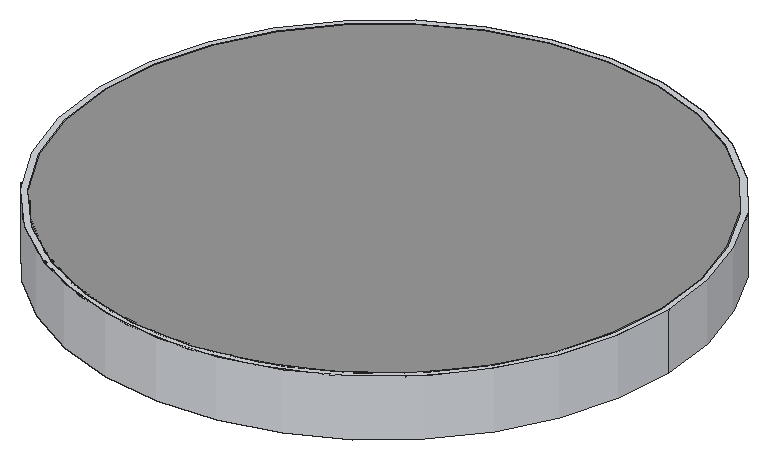
Revit family "2071203", category Lighting Fixtures, host Face, Revit 2018
Family settings
  Host = Face
  Round Connector Dimension = Use Diameter
  Part Type = Normal
  OmniClass Number = 23.80.70.00
  OmniClass Title = Lighting
  Cut with Voids When Loaded = No
  Light Source = Yes
  Shared = No
  Room Calculation Point = No
Parameters (values of type "2071203 COLOSSAL 600 830 PR DIR+H WHT")
  iner diameter = 588 mm
  Weight = "n/a"
  Wattage Comments = ""
  Wattage = 30 W
  WarrantyStartDate [instance] = "n/a"
  WarrantyGuarantorParts = "n/a"
  WarrantyDurationUnit = "n/a"
  WarrantyDurationParts = ""
  WarrantyDescription = "http://www.sylvania-lighting.com"
  built-in parameter 1150110 = 1 (stored number, unit not read)
  Voltage = 230 V
  URL = "0.95"
  TypeName = "COLOSSAL 600mm 830 PRISM DIR+HAL WHITE"
  Type Image = <None>
  Type Comments = "n/a"
  built-in parameter 1114217 = 1 (stored number, unit not read)
  Tilt Angle = -90.00°
  built-in parameter 1150109 = 1 (stored number, unit not read)
  built-in parameter 1150134 = (empty or 0)
  built-in parameter 1150113 = 1 (stored number, unit not read)
  SerialNumber [instance] = "n/a"
  Photometric Web File = "2071203.ies"
  Material_3_SYL = LED-Sylvania
  PowerFactor = 0
  PowerConsumption = "Lighting"
  NominalLength = 600 mm
  NominalHeight = 93 mm
  NominalDepth = 600 mm
  Name = "COLOSSAL 600mm 830 PRISM DIR+HAL WHITE"
  ModelReference = Name  # "COLOSSAL 600mm 830 PRISM DIR+HAL WHITE"
  ModelNumber = "2071203"
  Model = Name  # "COLOSSAL 600mm 830 PRISM DIR+HAL WHITE"
  Material = "Feilo Sylvania"
  ManufacturerName = "125 lm/W"
  Manufacturer = ""
  LuminousEfficacy = ""
  built-in parameter 1150105 = 270.44 (stored number, unit not read)
  Lumens = 3398.4 lm
  LuminaireType = "0"
  built-in parameter 1150115 = 1 (stored number, unit not read)
  LightOutputRatio = "LED"
  built-in parameter 1150137 = (empty or 0)
  built-in parameter 1150139 = (empty or 0)
  LampsType = Lamp  # "n/a"
  LampNominalLuminous = "3000 K"
  LampMacAdamStep = "80"
  LampColourTemperature = "LED"
  LampColourRenderingIndex = "16500"
  built-in parameter 1150112 = 1 (stored number, unit not read)
  built-in parameter 1150114 = 1 (stored number, unit not read)
  Lamp = "n/a"
  Keynote = "n/a"
  InstallationDate [instance] = "n/a"
  InputVoltage = "0"
  InputNominalFrequency = "3000"
  built-in parameter 1150132 = (empty or 0)
  built-in parameter 1150102 = (empty or 0)
  built-in parameter 1150107 = 3000 (stored number, unit not read)
  built-in parameter 1150138 = (empty or 0)
  IngressProtection = "IfcLightFixtureType"
  ImpactProtectionIndex = "IfcLightFixtureType"
  built-in parameter 1150106 = 2.7044 (stored number, unit not read)
  IfcExportType = "IfcLightFixtureType"
  IfcExportAs = "Class I"
  Emit from Circle Diameter = 385 mm
  Emit Shape Visible in Rendering = no
  ElectricShockClassification = "125"
  built-in parameter 1150104 = 10.524 (stored number, unit not read)
  DocumentationLiterature = "http://www.sylvania-lighting.com/product/en-int/products/2071203"
  DimmingControlOptions = "n/a"
  Material_2_SYL = Polycarbonate_Sylvania_White
  Dimming Lamp Color Temperature Shift = <None>
  Description = "600mm diameter circular architectural luminaire, can be surface mounted or suspended. Powder coated aluminium housing (RAL9016) with PMMA prismatic diffuser. Direct/indirect (halo) light distribution, 3900lm luminuous flux, 31.3W system power, 125lm/W luminiaire efficacy. Constant current driver. Colour rendering index Ra >80, 3000K Warm White LED, chromaticity tolerance of 3-step MacAdam ellipse. IP40, IK03. 350mA drive current. UGR≤19. Electrical protection Class1, 220-240V. Reported lifetime 66k hours L90B10."
  Default Elevation = 1219.2 mm
  CreatedOn = "23/03/2022"
  CreatedBy = "@sylvania-lighting.com"
  Cost = 0
  Color Filter = 16777215
  built-in parameter 1114216 [instance] = (empty or 0)
  ClassificationValue = "EF_70_80"
  ClassificationName = "Uniclass2015"
  Material_1_SYL = Polycarbonate_Sylvania_Opal
  BarCode [instance] = "n/a"
  built-in parameter 1114218 = 1 (stored number, unit not read)
  built-in parameter 1150133 = 10 (stored number, unit not read)
  AssetType = "Fixed"
  AssetIdentifier [instance] = "n/a"
  Assembly Code = "D5020200"
  Apparent Load = 31.3 VA
  Material_4_SYL = none
Reference planes
  plane 1 "Center (Front/Back)": y = 0
  plane 2: z = 0
  plane 3 "Center (Left/Right)": x = 0
  plane 4: x = -300
  plane 5: x = 300
  plane 6: y = 300
  plane 7: y = -300
  plane 8: y = 212
  plane 9: y = -212
  plane 10: z = 93
  plane 11: y = 294
  plane 12: y = -294
  plane 13: through (0, 0, 1219.2) normal (0.5, -0.866, 0)
  plane 14: through (-134.29, 20.617, 1219.2) normal (0.5, -0.866, 0)
  plane 15: through (-144.685, -181.683, 1219.2) normal (-0.5, 0.866, 0)
  plane 16: through (0, 0, 1219.2) normal (0.5, 0.866, 0)
  plane 17: through (178.555, -4.939, 1219.2) normal (0.5, 0.866, 0)
  plane 18: through (87.581, -148.715, 1219.2) normal (0.5, 0.866, 0)
  plane 19: y = 272
  plane 20: through (105.168, 227.067, 1219.2) normal (0.866, 0.5, 0)
  plane 21: through (-104.171, 225.672, 1219.2) normal (0.8572, -0.515, 0)
  plane 22: y = -204.612
  plane 23: through (-296.643, -30.2, 1219.2) normal (0.866, 0.5, 0)
  plane 24: through (153.092, -278.837, 1219.2) normal (-0.866, 0.5, 0)
Forms (mm)
  Extrusion 1, solid, detail levels medium+fine
    sketch origin (0, 0, 0) x (1, 0, 0) y (0, 1, 0)
      loop
        circle (0, 0) r 300
    from 33.023 to 93
  Extrusion 2, void
    sketch origin (0, 0, 0) x (1, 0, 0) y (0, 1, 0)
      loop
        circle (0, 0) r 294
    from 93 to 37.292
  Extrusion 3, solid, material "Glass, White, High Luminance", detail levels fine
    sketch origin (0, 0, 0) x (1, 0, 0) y (0, 1, 0)
      loop
        circle (0, 0) r 294
    from 88.026 to 93
  Extrusion 4, solid, detail levels coarse
    sketch origin (0, 0, 0) x (1, 0, 0) y (0, 1, 0)
      loop
        line (-300, 300) -> (-300, -300) -> (300, -300) -> (300, 300) -> (-300, 300)
    from 0 to 93
  Blend 5, solid, detail levels medium+fine
    base sketch origin (0, 0, 0) x (1, 0, 0) y (0, 1, 0)
      loop
        line (-76.334, 272) -> (-277.665, -63.07) -> (-195.946, -204.612) -> (195.946, -204.612) -> (275.172, -67.388) -> (79.226, 272) -> (-76.334, 272)
    top sketch origin (0, 0, 0) x (1, 0, 0) y (0, 1, 0)
      loop
        line (-226.097, -32.388) -> (-141.097, -179.612) -> (141.097, -179.612) -> (226.097, -32.388) -> (85, 212) -> (-85, 212) -> (-226.097, -32.388)
    from 33.023 to 0
Cuts and joins
  Extrusion 2 cuts Extrusion 1
Lines and regions (mm)
  model lines
    curve 1: line (-85, 212, 0) -> (0, 212, 0)
    curve 2: line (0, 212, 0) -> (85, 212, 0)
Dimensions and locks
  "NominalDepth": plane 6 to plane 7
  "NominalLength": plane 4 to plane 5
  equal spacing: plane 4, plane 3 "Center (Left/Right)", plane 5
  "iner diameter": plane 11 to plane 12
  equal spacing: plane 11, plane 1 "Center (Front/Back)", plane 12
  equal spacing: plane 6, plane 1 "Center (Front/Back)", plane 7
  "NominalHeight": plane 10 to level
  radius of Extrusion 2 sketch curve = 294 mm
  aligned and locked: plane 2 to host face
  aligned and locked: level to host face
Automatic sketch dimensions
  host sketch curve to host sketch curve = 2438.4 mm  (x2)
  plane 1 "Center (Front/Back)" to Extrusion 1 sketch curve = 0 mm
  Extrusion 1 sketch curve to plane 3 "Center (Left/Right)" = 0 mm
  plane 1 "Center (Front/Back)" to Extrusion 2 sketch curve = 0 mm
  Extrusion 2 sketch curve to plane 3 "Center (Left/Right)" = 0 mm
  plane 1 "Center (Front/Back)" to Extrusion 3 sketch curve = 0 mm
  Extrusion 3 sketch curve to plane 3 "Center (Left/Right)" = 0 mm
  Extrusion 4 sketch curve to plane 4 = 0 mm
  Extrusion 4 sketch curve to plane 5 = 0 mm
  Extrusion 4 sketch curve to plane 7 = 0 mm
  Extrusion 4 sketch curve to plane 6 = 0 mm
  Blend 5 sketch curve to plane 8 = 0 mm
  Blend 5 sketch curve to plane 3 "Center (Left/Right)" = 85 mm
  plane 3 "Center (Left/Right)" to Blend 5 sketch curve = 85 mm
  plane 9 to Blend 5 sketch curve = 32.388 mm
  plane 3 "Center (Left/Right)" to Blend 5 sketch curve = 141.097 mm
  plane 1 "Center (Front/Back)" to Blend 5 sketch curve = 32.388 mm  (x2)
  Blend 5 sketch curve to plane 5 = 73.903 mm
  Blend 5 sketch curve to plane 3 "Center (Left/Right)" = 141.097 mm
  plane 4 to Blend 5 sketch curve = 73.903 mm
  curve 1 to plane 8 = 0 mm
  curve 2 to plane 3 "Center (Left/Right)" = 0 mm
  curve 1 to plane 3 "Center (Left/Right)" = 85 mm
  curve 1 to curve 2 = 85 mm
  Blend 5 sketch curve to plane 21 = 0 mm
  Blend 5 sketch curve to plane 23 = 0 mm  (x2)
  Blend 5 sketch curve to plane 22 = 0 mm
  Blend 5 sketch curve to plane 19 = 0 mm
  plane 21 to Blend 5 sketch curve = 0 mm
  Blend 5 sketch curve to plane 20 = 0 mm  (x2)
  Blend 5 sketch curve to plane 24 = 0 mm  (x2)
  radius of Extrusion 1 sketch curve = 300 mm
  radius of Extrusion 3 sketch curve = 294 mm
Connectors
  electrical at (0, 0, 0), driven by "Apparent Load", driven by "PowerFactor", driven by "Voltage"
    settings: index 1, voltage 230 V, apparent load 31.3 VA, apparent load phase1 0 VA, apparent load phase2 0 VA, apparent load phase3 0 VA, power factor 0, load classification "Lighting", number of poles 1, system type 30, power factor state 1, is connector primary yes, connector utility no, sub classification motor no, connector description ""
